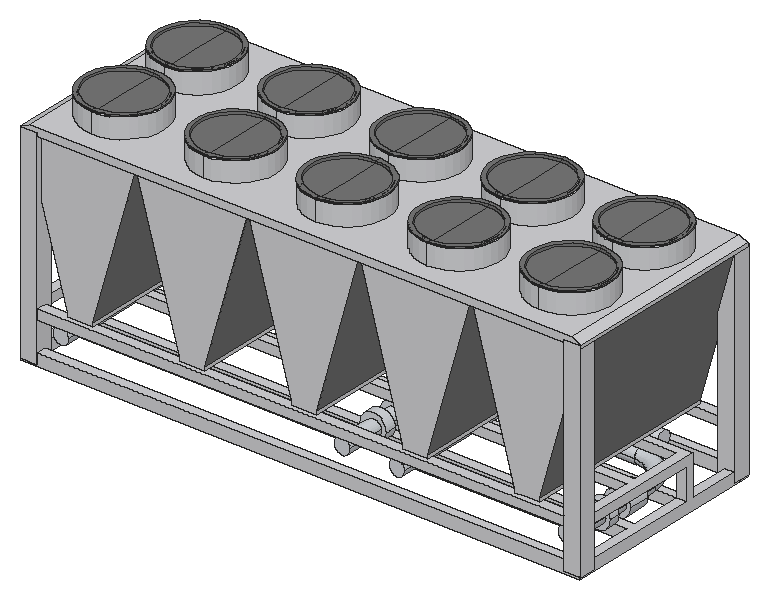
Revit family "Chiller-Air-Carrier-AquaForce_09FC-(500-800)", category Mechanical Equipment, Revit 2016
Family settings
  Part Type = Normal
  Round Connector Dimension = Use Diameter
  OmniClass Number = 23.75.10.24
  OmniClass Title = Cooling and Freeze Plant
  Work Plane-Based = Yes
  Always vertical = Yes
  Cut with Voids When Loaded = No
  Shared = No
  Room Calculation Point = No
Parameters (values of type "09FC-050")
  Width = 7' - 4 1/16"
  Wattage [instance] = 0 W
  Voltage [instance] = 208 V
  URL = "https://www.carrier.com/commercial/en/us/"
  Standards Conformance = "by Type"
  Sound dB Rating [instance] = "X dB"
  Show Clearance [instance] = no
  Refrigerant Used = "by Type"
  Refrigerant Charge Total [instance] = 0
  Product Page URL = ""
  Product Name = "09FC"
  Product Documentation Link = ""
  Power Factor [instance] = 1
  Piping Outlet Diameter = 6"
  Piping Inlet Diameter = 6"
  Phase [instance] = 3
  Screen Material [instance] = Carrier - Metal - Steel - Galvanized - Painted - Black Enamel Finish
  Operating Temperature Range = "-20 to 125 F"
  Number of Poles [instance] = 3
  Nominal Capacity = "by Type"
  Model = "09FC-050"
  Manufacturer = "Carrier"
  Locate Leaving Water Set 1 = 10' - 9 5/8"
  Locate Entering Water Set 2 = 6' - 10 5/8"
  Load Classification [instance] = HVAC
  Length = Frame Length + 0' 5 19/32"  # 20' - 0 27/32"
  Leaving Water CL Elevation [instance] = 0' - 10 1/32"  # constant formula
  Keynote = "23 64 26.13"
  Integrated Part Load Value = 0
  Include Listed Options [instance] = "by Type"
  Include Convenience Outlet [instance] = no
  Height = 8' - 2 15/16"
  Full Load Current [instance] = 0 A
  Frequency [instance] = 60 Hz
  Frame Material [instance] = Carrier - Metal - Steel - Galvanized - Painted - Gray Enamel Finish
  Frame Length = 19' - 7 1/4"
  Filter Description [instance] = "by Type"
  Evaporator Pressure Drop [instance] = 0.00 psi
  Evaporator Leaving Temperature [instance] = 0 °F
  Evaporator Entering Temperature [instance] = 0 °F
  Entering Water CL Elevation [instance] = 0' - 10 1/32"  # constant formula
  Electrical Disconnect [instance] = no
  Efficiency Ratings = "by Type"
  Description = "Supplemental Air Chiller"  # constant formula
  Default Elevation = 0' - 0"  # constant formula
  Dead Weight = 10251
  Condenser Set Count = 5
  Compressor Type = "by Type"
  Clearance_Top [instance] = "Do Not Restrict"  # constant formula
  Clearance_Right [instance] = 6' - 0"
  Clearance_Rear [instance] = 8' - 0"
  Clearance_Left [instance] = 6' - 0"
  Clearance_Front [instance] = 8' - 0"
  Clearance Requirements [instance] = "Consult Carrier for Clearance Requirements"  # constant formula
  Clearance Material [instance] = Object Clearance
  Assembly Code = "D3010600"
  Apparent Load [instance] = Voltage * Full Load Current  # 0 VA
  Additional Weight from Options [instance] = 0
  Actual Evaporator Flow [instance] = 0 GPM
Types (4): name | Model | Locate Leaving Water Set 1 | Locate Entering Water Set 2 | Length | Frame Length | Dead Weight | Condenser Set Count
  09FC-050 | "09FC-050" | 10' - 9 5/8" | 6' - 10 5/8" | 20' - 0 27/32" | 19' - 7 1/4" | 10251 | 5
  09FC-060 | "09FC-060" | 10' - 9 5/8" | 10' - 9 5/8" | 23' - 11 27/32" | 23' - 6 1/4" | 12126 | 6
  09FC-070 | "09FC-070" | 14' - 8 21/32" | 10' - 9 5/8" | 27' - 10 27/32" | 27' - 5 1/4" | 14041 | 7
  09FC-080 | "09FC-080" | 14' - 8 21/32" | 14' - 8 21/32" | 31' - 9 27/32" | 31' - 4 1/4" | 15915 | 8
Reference planes (in)
  plane 1 "Center (Front/Back)": y = 0
  plane 2: z = 0
  plane 3 "Center (Left/Right)": x = 0
  plane 4: x = -120.42187
  plane 5: x = 120.42188
  plane 6: y = 44.03125
  plane 7: y = -44.03125
  plane 8: z = 98.9375
  plane 9: x = -192.42187
  plane 10: x = 192.42188
  plane 11: y = 140.03125
  plane 12: y = -140.03125
  plane 13: z = 170.9375
  plane 14: z = 0
  plane 15: x = -114.82812
  plane 16: z = 89.8125
  plane 17: y = -43.96875
  plane 18: y = 43.96875
  plane 19: x = 114.42188
  plane 20: x = 114.42188
  plane 21: y = 0
  plane 22: y = 0
  plane 23: x = -91.1927
  plane 24: x = 96.5573
  plane 25: y = -37.04688
  plane 26: x = -114.57812
  plane 27: x = 120.17188
  plane 28: x = -103.23437
  plane 29: x = 14.79688
  plane 30: x = 37.79688
  plane 31: x = 108.82813
  plane 32: y = -28.67157
Forms (in)
  Extrusion 1, solid, material "Object Clearance" <- "Clearance Material", visible <- "Show Clearance"
    sketch origin (0, 0, 0) x (1, 0, 0) y (0, 1, 0)
      loop
        line (-192.42187, 140.03125) -> (-192.42187, -140.03125) -> (192.42188, -140.03125) -> (192.42188, 140.03125) -> (-192.42187, 140.03125)
    from 0 to 170.9375
  Extrusion 2, solid, material "Carrier - Metal - Steel - Galvanized - Painted - Gray Enamel Finish" <- "Frame Material"
    sketch origin (0, 0, 0) x (1, 0, 0) y (0, 1, 0)
      loop
        line (-114.82812, 44.03125) -> (-114.82812, 37.03125) -> (-107.82812, 37.03125) -> (-107.82812, 44.03125) -> (-114.82812, 44.03125)
      loop
        line (113.42188, 44.03125) -> (113.42188, 37.03125) -> (120.42188, 37.03125) -> (120.42188, 44.03125) -> (113.42188, 44.03125)
      loop
        line (-114.82812, -44.03125) -> (-107.82812, -44.03125) -> (-107.82812, -37.03125) -> (-114.82812, -37.03125) -> (-114.82812, -44.03125)
      loop
        line (113.42188, -44.03125) -> (120.42188, -44.03125) -> (120.42188, -37.03125) -> (113.42188, -37.03125) -> (113.42188, -44.03125)
    from 0.79427 to 87.82986
  Extrusion 3, solid, material "Carrier - Metal - Steel - Galvanized - Painted - Gray Enamel Finish" <- "Frame Material"
    sketch origin (0, 0, 0) x (1, 0, 0) y (0, 0, 1)
      loop
        line (-114.82812, 86.75428) -> (120.42188, 86.75428) -> (120.42188, 88.00428) -> (116.54414, 89.8125) -> (-110.95039, 89.8125) -> (-114.82812, 88.00428) -> (-114.82812, 86.75428)
    from -43.96875 to 43.96875
  Extrusion 4, solid, material "Carrier - Metal - Steel - Galvanized - Painted - Gray Enamel Finish" <- "Frame Material"
    sketch origin (0, -43.96875, 91.46381) x (0, 0, 1) y (1, 0, 0)
      loop
        line (-91.46381, -114.57812) -> (-86.21381, -114.57812) -> (-86.21381, 120.17188) -> (-91.46381, 120.17188) -> (-91.46381, -114.57812)
      loop
        line (-69.75133, -113.82812) -> (-69.75133, 119.42188) -> (-73.75133, 119.42188) -> (-73.75133, -113.82812) -> (-69.75133, -113.82812)
    from 0 to 4
  Extrusion 5, solid, material "Carrier - Metal - Steel - Galvanized - Painted - Gray Enamel Finish" <- "Frame Material"
    sketch origin (0, 43.96875, 91.46381) x (0, 0, 1) y (1, 0, 0)
      loop
        line (-91.46381, -114.57812) -> (-86.21381, -114.57812) -> (-86.21381, 120.23438) -> (-91.46381, 120.23438) -> (-91.46381, -114.57812)
      loop
        line (-69.75133, -114.57812) -> (-69.75133, 119.42188) -> (-73.75133, 119.42188) -> (-73.75133, -114.57812) -> (-69.75133, -114.57812)
    from 0 to -4
  Extrusion 6, solid, material "Carrier - Metal - Steel - Galvanized - Painted - Gray Enamel Finish" <- "Frame Material"
    sketch origin (-114.82812, 47.56915, 72) x (0, 1, 0) y (0, 0, 1)
      loop
        line (-87.5379, -67.25) -> (-87.5379, -72) -> (-7.6004, -72) -> (-7.6004, -67.25) -> (-87.5379, -67.25)
    from 0.25 to 4.25
  Extrusion 7, solid, material "Carrier - Metal - Steel - Galvanized - Painted - Gray Enamel Finish" <- "Frame Material"
    sketch origin (120.42188, 47.56915, 72) x (0, 1, 0) y (0, 0, 1)
      loop
        line (-87.5379, -67.25) -> (-87.5379, -72) -> (-7.6004, -72) -> (-7.6004, -67.25) -> (-87.5379, -67.25)
    from -0.25 to -4.25
  Extrusion 8, solid, material "Carrier - Metal - Steel - Galvanized - Painted - Gray Enamel Finish" <- "Frame Material"
    sketch origin (120.42188, 47.56915, 72) x (0, 1, 0) y (0, 0, 1)
      loop
        line (-87.5379, -50.28753) -> (-87.5379, -54.28753) -> (-35.5379, -54.28753) -> (-35.5379, -67.25) -> (-32.5379, -67.25) -> (-32.5379, -50.28753) -> (-87.5379, -50.28753)
    from -0.25 to -4.25
  Extrusion 9, solid, material "Carrier - Metal - Steel - Galvanized - Painted - Gray Enamel Finish" <- "Frame Material"
    sketch origin (-114.82812, 47.56915, 72) x (0, 1, 0) y (0, 0, 1)
      loop
        line (-87.5379, -50.28753) -> (-87.5379, -54.28753) -> (-35.5379, -54.28753) -> (-35.5379, -67.25) -> (-32.5379, -67.25) -> (-32.5379, -50.28753) -> (-87.5379, -50.28753)
    from 4.1875 to 0.1875
  Sweep 10, solid
    path origin (0, 0, 0) x (1, 0, 0) y (0, 1, 0)
      loop
        line (-103.23438, -37.04688) -> (-103.23438, 16.46875)
        arc (-103.23438, 16.46875) -> (-98.54808, 27.78246) -> (-87.23438, 32.46875) r 16
        line (-87.23438, 32.46875) -> (0.21875, 32.46875)
    profile origin (-103.23438, -10.28906, 0) x (-1, 0, 0) y (0, 0, 1)
      loop
        circle (0, 10.03125) r 3.25
  Sweep 11, solid
    path origin (0, 0, 0) x (1, 0, 0) y (0, 1, 0)
      loop
        line (108.82813, -37.04688) -> (108.82813, 5.45312)
        arc (108.82813, 5.45312) -> (104.72762, 15.35262) -> (94.82813, 19.45312) r 14
        line (94.82813, 19.45312) -> (53.24673, 19.45312)
    profile origin (108.82813, -15.79688, 0) x (-1, 0, 0) y (0, 0, 1)
      loop
        circle (0, 10.03125) r 3.25
  Extrusion 12, solid
    sketch origin (0, 0, 0) x (1, 0, 0) y (0, 0, 1)
      loop
        circle (108.82813, 10.03125) r 5.5
    from 1.25746 to 9.89749
  Extrusion 13, solid
    sketch origin (0, 0, 0) x (1, 0, 0) y (0, 0, 1)
      loop
        circle (108.82813, 10.03125) r 5.5
    from 16.4842 to 20.73072
  Extrusion 14, solid, material "Carrier - Metal - Steel - Galvanized - Painted - Gray Enamel Finish" <- "Frame Material"
    sketch origin (0, 0, 0) x (0, 1, 0) y (0, 0, 1)
      loop
        line (12.03125, 17.71247) -> (15.03125, 17.71247) -> (15.03125, 21.71247) -> (12.03125, 21.71247) -> (12.03125, 17.71247)
      loop
        line (-14.54996, 17.71247) -> (-10.42493, 17.71247) -> (-10.42493, 21.71247) -> (-14.54996, 21.71247) -> (-14.54996, 17.71247)
      loop
        line (-14.54996, 4.75) -> (-14.54996, 0) -> (-10.42493, 0) -> (-10.42493, 4.75) -> (-14.54996, 4.75)
      loop
        line (12.03125, 4.75) -> (12.03125, 0) -> (15.03125, 0) -> (15.03125, 4.75) -> (12.03125, 4.75)
    from -114.57812 to 120.17188
  Extrusion 15, solid
    sketch origin (-114.82812, 47.56915, 72) x (0, 1, 0) y (0, 0, 1)
      loop
        line (-66.11788, -33.93777) -> (-66.11788, -50.26069) -> (-28.91016, -50.26069) -> (-28.91016, -33.93777) -> (-66.11788, -33.93777)
    from -1.0049 to 7
  Extrusion 16, solid
    sketch origin (-114.82812, 47.56915, 72) x (0, 1, 0) y (0, 0, 1)
      loop
        line (-29.01261, -33.93777) -> (-46.86635, -33.93777) -> (-46.86635, -50.11773) -> (-29.01261, -50.11773) -> (-29.01261, -33.93777)
      loop
        line (-65.62569, -33.93777) -> (-65.62569, -50.11773) -> (-47.77195, -50.11773) -> (-47.77195, -33.93777) -> (-65.62569, -33.93777)
    from -1.84877 to -1.0049
  Extrusion 17, solid
    sketch origin (-114.82812, 47.56915, 72) x (0, 1, 0) y (0, 0, 1)
      loop
        line (-57.70435, -39.8958) -> (-61.20435, -39.8958) -> (-61.20435, -43.3958) -> (-57.70435, -43.3958) -> (-57.70435, -39.8958)
    from -2.90259 to -1.84877
  Extrusion 18, solid
    sketch origin (-114.82812, 47.56915, 72) x (0, 1, 0) y (0, 0, 1)
      loop
        circle (-59.42604, -41.68436) r 1.5
    from -3.95869 to -2.90259
  Extrusion 19, solid
    sketch origin (-114.82812, 47.56915, 72) x (0, 1, 0) y (0, 0, 1)
      loop
        line (-58.45, -41.02996) -> (-62.8232, -41.02996) -> (-62.8232, -42.38236) -> (-58.45, -42.38236)
        arc (-58.45, -42.38236) -> (-58.22162, -41.70616) -> (-58.45, -41.02996) r 1.11524
    from -5.59375 to -3.95869
  Sweep 20, solid
    path origin (120.65625, 0, 0) x (1, 0, 0) y (0, 1, 0)
      loop
        line (-82.85938, -37.04687) -> (-82.85938, 16.46875)
        arc (-82.85938, 16.46875) -> (-78.17308, 27.78246) -> (-66.85938, 32.46875) r 16
        line (-66.85938, 32.46875) -> (-26.57812, 32.46875)
    profile origin (37.79688, -10.28906, 0) x (-1, 0, 0) y (0, 0, 1)
      loop
        circle (0, 10.03125) r 3.25
  Sweep 21, solid
    path origin (-120.82812, 0, 0) x (1, 0, 0) y (0, 1, 0)
      loop
        line (135.625, -37.04688) -> (135.625, 5.45312)
        arc (135.625, 5.45312) -> (131.52449, 15.35262) -> (121.625, 19.45312) r 14
        line (121.625, 19.45312) -> (32.82813, 19.45312)
    profile origin (14.79687, -15.79687, 0) x (-1, 0, 0) y (0, 0, 1)
      loop
        circle (0, 10.03125) r 3.25
  Extrusion 22, solid
    sketch origin (-120.68757, 0, 0) x (1, 0, 0) y (0, 0, 1)
      loop
        circle (135.48445, 10.03125) r 5.5
    from 1.25746 to 9.89749
  Extrusion 23, solid
    sketch origin (-120.68757, 0, 0) x (1, 0, 0) y (0, 0, 1)
      loop
        circle (135.48445, 10.03125) r 5.5
    from 16.4842 to 20.73072
  Revolve 24, solid
    sketch origin (-126.18668, -28.67157, 108) x (-1, 0, 0) y (0, 0, 1)
      loop
        line (-140.98356, -94.96875) -> (-140.98356, -97.96875) -> (-22.95231, -97.96875) -> (-22.95231, -94.96875) -> (-140.98356, -94.96875)
      loop
        line (-235.01481, -94.96875) -> (-235.01481, -97.96875) -> (-163.98356, -97.96875) -> (-163.98356, -94.96875) -> (-235.01481, -94.96875)
      axis (-22.95231, -97.96875) -> (-235.01481, -97.96875)
    angle from 0 to 360
  Extrusion 25, solid
    sketch origin (0, 0, 0) x (1, 0, 0) y (0, 1, 0)
      loop
        circle (-113.08303, -15.54873) r 0.4375
      loop
        circle (-113.08303, -13.04873) r 0.4375
      loop
        circle (-113.08303, 15.77127) r 0.4375
    from 21.73931 to 27.59961
Cuts and joins
  joined: Extrusion 2, Extrusion 4, Extrusion 5, Extrusion 6, Extrusion 7, Extrusion 8, Extrusion 14
Lines and regions (in)
  symbolic lines, style "MechanicalEquipmentHiddenLines", visible <- "Show Clearance"
    curve 1: line (-192.42187, 140.03125, 0) -> (192.42188, 140.03125, 0)
    curve 2: line (192.42188, 140.03125, 0) -> (192.42188, -140.03125, 0)
    curve 3: line (192.42188, -140.03125, 0) -> (-192.42187, -140.03125, 0)
    curve 4: line (-192.42187, -140.03125, 0) -> (-192.42187, 140.03125, 0)
Dimensions and locks (in)
  equal spacing: plane 4, plane 3 "Center (Left/Right)", plane 5
  "Length": plane 4 to plane 5
  equal spacing: plane 7, plane 1 "Center (Front/Back)", plane 6
  "Width": plane 7 to plane 6
  "Height": plane 8 to plane 14
  "Clearance_Rear": plane 6 to plane 11
  "Clearance_Front": plane 12 to plane 7
  "Clearance_Right": plane 5 to plane 10
  "Clearance_Left": plane 9 to plane 4
  plane 13 to plane 8 = 6' - 0"
  plane 14 to level = 0' - 0"
  "Frame Length": plane 15 to plane 5
  locked: plane 8 to plane 16 at 9.125
  locked: plane 7 to Extrusion 2 sketch curve at 7  (x2)
  locked: plane 15 to Extrusion 2 sketch curve at 7  (x2)
  locked: Extrusion 2 sketch curve to plane 5 at 7  (x2)
  locked: Extrusion 2 sketch curve to plane 6 at 7  (x2)
  Extrusion 3 sketch curve to plane 15 to Extrusion 3 sketch curve = 0' - 3.87774" locked, 0' - 0" locked
  plane 5 to Extrusion 3 sketch curve to Extrusion 3 sketch curve = 0' - 0" locked, 0' - 3.87774" locked
  locked: plane 7 to plane 17 at 0.0625
  locked: plane 18 to plane 6 at 0.0625
  locked: plane 5 to Extrusion 4 sketch curve at 0.25
  locked: plane 5 to Extrusion 4 sketch curve at 1
  locked: Extrusion 4 sketch curve to plane 15 at 0.25
  locked: Extrusion 4 sketch curve to plane 15 at 1
  locked: plane 7 to Extrusion 6 sketch curve at 4.0625
  locked: Extrusion 6 sketch curve to plane 6 at 4.0625
  locked: plane 6 to Extrusion 7 sketch curve at 4.0625
  locked: Extrusion 7 sketch curve to plane 7 at 4.0625
  plane 19 to plane 5 = 0' - 6"
  plane 20 to plane 5 = 0' - 6"
  plane 1 "Center (Front/Back)" to plane 21 = 0' - 0"
  plane 1 "Center (Front/Back)" to plane 22 = 0' - 0"
  locked: plane 5 to plane 24 at 23.86458
  plane 23 to plane 15 = 1' - 11.63542"
  locked: plane 5 to Extrusion 5 sketch curve at 1
  locked: plane 5 to Extrusion 5 sketch curve at 0.1875
  locked: plane 7 to plane 25 at 6.98438
  plane 18 to Sweep 10 sketch curve to Sweep 10 sketch curve = 0' - 11 1/2" locked, 1' - 4" locked
  Sweep 11 sketch curve to Sweep 11 sketch curve to plane 6 = 1' - 2" locked, 2' - 0 37/64" locked
  locked: Extrusion 12 sketch curve to level at 10.03125
  locked: Extrusion 13 sketch curve to level at 10.03125
  equal spacing: group 1, group 3, group 4, group 5, group 2  (x3)
  locked: plane 5 to plane 27 at 0.25
  locked: plane 15 to plane 26 at 0.25
  locked: plane 5 to plane 31 at 11.59375
  locked: plane 28 to plane 15 at 11.59375
  "Locate Leaving Water Set 1": plane 29 to plane 15
  "Locate Entering Water Set 2": plane 5 to plane 30
  locked: Sweep 10 sketch curve to plane 29 at 14.57813
  locked: profile plane to Sweep 10 sketch curve
  locked: Sweep 10 sketch curve to level at 10.03125
  locked: Sweep 20 sketch curve to Sweep 20 sketch curve at 16
  locked: profile plane to Sweep 20 sketch curve
  locked: plane 18 to Sweep 20 sketch curve at 11.5
  locked: Sweep 20 sketch curve to plane 31 at 14.75
  locked: Sweep 21 sketch curve to Sweep 21 sketch curve at 14
  locked: plane 18 to Sweep 21 sketch curve at 24.51562
  locked: plane 28 to Sweep 21 sketch curve at 15.23438
  Sweep 21 sketch curve to level = 0' - 10 1/32"
  locked: Sweep 20 sketch curve to level at 10.03125
  locked: Sweep 11 sketch curve to level at 10.03125
  locked: plane 31 to Sweep 11 sketch curve at 0
  locked: plane 30 to Sweep 11 sketch curve at 15.44985
  locked: Sweep 21 sketch curve to plane 29 at 0
  locked: Extrusion 23 sketch curve to level at 10.03125
  locked: plane 29 to Extrusion 23 sketch curve at 0
  locked: Extrusion 22 sketch curve to level at 10.03125
  locked: plane 29 to Extrusion 22 sketch curve at 0
  locked: plane 31 to Extrusion 13 sketch curve at 0
  locked: plane 31 to Extrusion 12 sketch curve at 0
  locked: plane 32 to plane 25 at 8.37531
  Extrusion 15 sketch curve to plane 1 "Center (Front/Back)" to Extrusion 15 sketch curve = 1' - 6.54873" locked, 1' - 6.65899" locked
  Extrusion 16 sketch curve to Extrusion 16 sketch curve to plane 1 "Center (Front/Back)" to Extrusion 16 sketch curve to Extrusion 16 sketch curve = 1' - 5.85375" locked, 0' - 0.2028" locked, 0' - 0.7028" locked, 1' - 5.85375" locked
  aligned and locked: level to plane 2
  aligned and locked: Extrusion 1 sketch curve to plane 11
  aligned and locked: Extrusion 1 sketch curve to plane 9
  aligned and locked: Extrusion 1 sketch curve to plane 12
  aligned and locked: Extrusion 1 sketch curve to plane 10
  aligned and locked: Extrusion 1 to plane 13
  aligned and locked: plane 15 to Extrusion 2 sketch curve
  aligned and locked: Extrusion 2 sketch curve to plane 6
  aligned and locked: Extrusion 2 sketch curve to plane 7
  aligned and locked: Extrusion 2 sketch curve to plane 15
  aligned and locked: plane 5 to Extrusion 2 sketch curve
  aligned and locked: plane 7 to Extrusion 2 sketch curve
  aligned and locked: Extrusion 2 sketch curve to plane 5
  aligned and locked: plane 6 to Extrusion 2 sketch curve
  aligned and locked: Extrusion 3 to plane 17
  aligned and locked: plane 18 to Extrusion 3
  aligned and locked: curve 2 to plane 10
  aligned and locked: curve 1 to plane 11
  aligned and locked: curve 4 to plane 9
  aligned and locked: curve 3 to plane 12
  aligned and locked: Sweep 11 sketch curve to plane 25
  aligned and locked: nested 1 to plane 23
  aligned and locked: nested 2 to plane 24
  aligned and locked: Extrusion 14 to plane 27
  aligned and locked: plane 26 to Extrusion 14
  aligned and locked: plane 26 to Extrusion 5  (x2)
  aligned and locked: plane 28 to Sweep 10 sketch curve
  aligned and locked: plane 30 to Sweep 20 sketch curve
  aligned and locked: plane 29 to Sweep 21 sketch curve
  aligned and locked: plane 31 to Sweep 11 sketch curve
  aligned and locked: plane 25 to Sweep 10 sketch curve
  aligned and locked: plane 25 to Sweep 21 sketch curve
  aligned and locked: plane 25 to Sweep 20 sketch curve
  aligned and locked: Revolve 24 sketch curve to plane 30
  aligned and locked: plane 31 to Revolve 24 sketch curve
  aligned and locked: plane 29 to Revolve 24 sketch curve
  aligned and locked: Revolve 24 sketch curve to plane 28
Automatic sketch dimensions
  Extrusion 3 sketch curve to plane 16 = 0' - 0"
  plane 16 to Extrusion 3 sketch curve = 0' - 1.80822"  (x2)
  Extrusion 3 sketch curve to Extrusion 3 sketch curve = 0' - 1 1/4"
  Extrusion 4 sketch curve to level = 0' - 0"
  Extrusion 4 sketch curve to Extrusion 4 sketch curve = 0' - 5 1/4"
  Extrusion 4 sketch curve to Extrusion 4 sketch curve = 1' - 0.46247"
  Extrusion 4 sketch curve to Extrusion 4 sketch curve = 0' - 4"
  Extrusion 5 sketch curve to level = 0' - 0"
  Extrusion 5 sketch curve to plane 26 = 0' - 0"  (x2)
  level to Extrusion 5 sketch curve = 0' - 5 1/4"
  Extrusion 5 sketch curve to Extrusion 5 sketch curve = 1' - 0.46247"
  Extrusion 5 sketch curve to Extrusion 5 sketch curve = 0' - 4"
  Extrusion 6 sketch curve to level = 0' - 0"
  level to Extrusion 6 sketch curve = 0' - 4 3/4"
  Extrusion 7 sketch curve to level = 0' - 0"
  level to Extrusion 7 sketch curve = 0' - 4 3/4"
  plane 17 to Extrusion 8 sketch curve = 0' - 4"
  level to Extrusion 8 sketch curve = 0' - 4 3/4"
  Extrusion 8 sketch curve to plane 1 "Center (Front/Back)" = 1' - 0 1/32"
  Extrusion 8 sketch curve to Extrusion 8 sketch curve = 0' - 3"
  Extrusion 8 sketch curve to Extrusion 8 sketch curve = 1' - 0.96247"
  Extrusion 8 sketch curve to Extrusion 8 sketch curve = 0' - 4"
  plane 17 to Extrusion 9 sketch curve = 0' - 4"
  level to Extrusion 9 sketch curve = 0' - 4 3/4"
  Extrusion 9 sketch curve to plane 1 "Center (Front/Back)" = 1' - 0 1/32"
  Extrusion 9 sketch curve to Extrusion 9 sketch curve = 0' - 3"
  Extrusion 9 sketch curve to Extrusion 9 sketch curve = 1' - 0.96247"
  Extrusion 9 sketch curve to Extrusion 9 sketch curve = 0' - 4"
  Extrusion 14 sketch curve to level = 0' - 0"  (x2)
  level to Extrusion 14 sketch curve = 0' - 4 3/4"
  plane 1 "Center (Front/Back)" to Extrusion 14 sketch curve = 1' - 2.54996"
  Extrusion 14 sketch curve to Extrusion 14 sketch curve = 0' - 0"
  Extrusion 14 sketch curve to Extrusion 14 sketch curve = 0' - 4.12503"  (x2)
  Extrusion 14 sketch curve to plane 1 "Center (Front/Back)" = 1' - 0 1/32"  (x2)
  Extrusion 14 sketch curve to Extrusion 14 sketch curve = 0' - 3"  (x2)
  Extrusion 14 sketch curve to Extrusion 14 sketch curve = 0' - 4 3/4"
  Extrusion 14 sketch curve to Extrusion 14 sketch curve = 1' - 0.96247"  (x2)
  Extrusion 14 sketch curve to Extrusion 14 sketch curve = 0' - 4"  (x2)
  level to Extrusion 15 sketch curve = 1' - 9.73931"
  Extrusion 15 sketch curve to Extrusion 15 sketch curve = 1' - 4.32291"
  level to Extrusion 16 sketch curve = 1' - 9.88227"
  Extrusion 16 sketch curve to Extrusion 16 sketch curve = 0' - 0"
  Extrusion 16 sketch curve to Extrusion 16 sketch curve = 1' - 4.17996"  (x2)
  plane 1 "Center (Front/Back)" to Extrusion 17 sketch curve = 1' - 1.6352"
  Extrusion 17 sketch curve to Extrusion 17 sketch curve = 0' - 3 1/2"  (x2)
  level to Extrusion 17 sketch curve = 2' - 4.6042"
  plane 1 "Center (Front/Back)" to Extrusion 18 sketch curve = 0' - 11.85689"
  level to Extrusion 18 sketch curve = 2' - 6.31564"
  plane 1 "Center (Front/Back)" to Extrusion 19 sketch curve = 1' - 3.25405"
  Extrusion 19 sketch curve to Extrusion 19 sketch curve = 0' - 3.48634"
  Extrusion 19 sketch curve to Extrusion 19 sketch curve = 0' - 0.88686"  (x2)
  level to Extrusion 19 sketch curve = 2' - 5.61764"
  Extrusion 19 sketch curve to Extrusion 19 sketch curve = 0' - 0.6762"
  level to Revolve 24 sketch curve = 0' - 10 1/32"  (x3)
  Revolve 24 sketch curve to Revolve 24 sketch curve = 0' - 3"  (x2)
  plane 30 to Revolve 24 sketch curve = 1' - 9 19/32"
  plane 28 to Revolve 24 sketch curve = 0' - 3 1/4"
  Extrusion 25 sketch curve to plane 26 = 0' - 1.4951"  (x3)
  Extrusion 25 sketch curve to plane 1 "Center (Front/Back)" = 1' - 3.77127"
  plane 1 "Center (Front/Back)" to Extrusion 25 sketch curve = 1' - 1.04873"
  Extrusion 25 sketch curve to Extrusion 25 sketch curve = 0' - 2 1/2"
  radius of Sweep 10 sketch curve = 0' - 3 1/4"
  radius of Sweep 11 sketch curve = 0' - 3 1/4"
  radius of Extrusion 12 sketch curve = 0' - 5 1/2"
  radius of Extrusion 13 sketch curve = 0' - 5 1/2"
  radius of Extrusion 18 sketch curve = 0' - 1 1/2"
  radius of Sweep 20 sketch curve = 0' - 3 1/4"
  radius of Sweep 21 sketch curve = 0' - 3 1/4"
  radius of Extrusion 22 sketch curve = 0' - 5 1/2"
  radius of Extrusion 23 sketch curve = 0' - 5 1/2"
  radius of Extrusion 25 sketch curve = 0' - 0 7/16"  (x3)
Nested families (in)
  nested 1: "FanCasing" at (-91.1927, 0, 89.82373), Frame Material <- "Frame Material", Other Material <- "Screen Material", type "FanCasing"
    with Standard Fan no, Other Material Carrier - Metal - Steel - Galvanized - Painted - Black Enamel Finish, Low Sound yes, Frame Material Carrier - Metal - Steel - Galvanized - Painted - Gray Enamel Finish
  nested 2: "FanCasing" at (96.5573, 0, 89.82373), Frame Material <- "Frame Material", Other Material <- "Screen Material", type "FanCasing"
    with Standard Fan no, Other Material Carrier - Metal - Steel - Galvanized - Painted - Black Enamel Finish, Low Sound yes, Frame Material Carrier - Metal - Steel - Galvanized - Painted - Gray Enamel Finish
  nested 3: "FanCasing" at (-44.2552, 0, 89.82373), Frame Material <- "Frame Material", Other Material <- "Screen Material", type "FanCasing"
    with Standard Fan no, Other Material Carrier - Metal - Steel - Galvanized - Painted - Black Enamel Finish, Low Sound yes, Frame Material Carrier - Metal - Steel - Galvanized - Painted - Gray Enamel Finish
  nested 4: "FanCasing" at (2.6823, 0, 89.82373), Frame Material <- "Frame Material", Other Material <- "Screen Material", type "FanCasing"
    with Standard Fan no, Other Material Carrier - Metal - Steel - Galvanized - Painted - Black Enamel Finish, Low Sound yes, Frame Material Carrier - Metal - Steel - Galvanized - Painted - Gray Enamel Finish
  nested 5: "FanCasing" at (49.6198, 0, 89.82373), Frame Material <- "Frame Material", Other Material <- "Screen Material", type "FanCasing"
    with Standard Fan no, Other Material Carrier - Metal - Steel - Galvanized - Painted - Black Enamel Finish, Low Sound yes, Frame Material Carrier - Metal - Steel - Galvanized - Painted - Gray Enamel Finish
Connectors (in)
  electrical at (-111.83058, 0.05513, 38.06223)
    settings: on Extrusion 15, index 3, voltage 0 V, apparent load 0 VA, apparent load phase1 0 VA, apparent load phase2 0 VA, apparent load phase3 0 VA, power factor 1, load classification "Other", number of poles 1, system type 13, power factor state 1, is connector primary yes, connector utility no, sub classification motor no, connector description "Controls"
  electrical at (-107.82812, 0.05513, 29.90077), driven by "Number of Poles", driven by "Load Classification", driven by "Voltage", driven by "Apparent Load", driven by "Power Factor"
    settings: on Extrusion 15, index 4, voltage 208 V, apparent load 0 VA, apparent load phase1 0 VA, apparent load phase2 0 VA, apparent load phase3 0 VA, power factor 1, load classification "HVAC", number of poles 3, system type 30, power factor state 1, is connector primary no, connector utility no, sub classification motor no, connector description "Main Power"
  piping at (-103.23438, -37.04688, 10.03125), diameter 6, driven by "Actual Evaporator Flow", driven by "Piping Inlet Diameter"
    settings: on Sweep 10, index 5, connector inside diameter 24", connector length 0' - 0", flow factor 0, pipe flow 0 GPM, pressure drop 0.00 psi, fitting loss kfactor 0, connector angle 0.00°, fixture units 0, engagement length 0' - 0", angle of deflection 0.00°, flow configuration 0, flow direction 1, fitting loss method 4, system type 8, joint type 0, gender type 0, connector reference index -1, connector utility 0, adjustable connector no, is connector primary yes, connector description "Entering Water Set 1"
  piping at (37.79688, -37.04688, 10.03125), diameter 6, driven by "Actual Evaporator Flow", driven by "Piping Inlet Diameter"
    settings: on Sweep 20, index 6, connector inside diameter 24", connector length 0' - 0", flow factor 0, pipe flow 0 GPM, pressure drop 0.00 psi, fitting loss kfactor 0, connector angle 0.00°, fixture units 0, engagement length 0' - 0", angle of deflection 0.00°, flow configuration 0, flow direction 1, fitting loss method 4, system type 8, joint type 0, gender type 0, connector reference index -1, connector utility 0, adjustable connector no, is connector primary no, connector description "Entering Water Set 2"
  piping at (14.79687, -37.04688, 10.03125), diameter 6, driven by "Actual Evaporator Flow", driven by "Evaporator Pressure Drop", driven by "Piping Outlet Diameter"
    settings: on Sweep 21, index 7, connector inside diameter 24", connector length 0' - 0", flow factor 0, pipe flow 0 GPM, pressure drop 0.00 psi, fitting loss kfactor 0, connector angle 0.00°, fixture units 0, engagement length 0' - 0", angle of deflection 0.00°, flow configuration 0, flow direction 2, fitting loss method 4, system type 7, joint type 0, gender type 0, connector reference index -1, connector utility 0, adjustable connector no, is connector primary no, connector description "Leaving Water Set 1"
  piping at (108.82813, -37.04688, 10.03125), diameter 6, driven by "Actual Evaporator Flow", driven by "Evaporator Pressure Drop", driven by "Piping Outlet Diameter"
    settings: on Sweep 11, index 8, connector inside diameter 24", connector length 0' - 0", flow factor 0, pipe flow 0 GPM, pressure drop 0.00 psi, fitting loss kfactor 0, connector angle 0.00°, fixture units 0, engagement length 0' - 0", angle of deflection 0.00°, flow configuration 0, flow direction 2, fitting loss method 4, system type 7, joint type 0, gender type 0, connector reference index -1, connector utility 0, adjustable connector no, is connector primary no, connector description "Leaving Water Set 2"
  cabletrayconduit at (-113.08303, -15.54873, 21.73931), diameter 0.875
    settings: on Extrusion 25, index 9, connector width 1' - 0", connector height 1' - 0", connector angle 0.00°, system type 32, placement type 0, profile type 0, connector reference index -1, is primary connector yes, connector utility param no, connector description "Field Power Knockout"
  cabletrayconduit at (-113.08303, -13.04873, 21.73931), diameter 0.875
    settings: on Extrusion 25, index 10, connector width 1' - 0", connector height 1' - 0", connector angle 0.00°, system type 32, placement type 0, profile type 0, connector reference index -1, is primary connector no, connector utility param no, connector description "Field Power Knockout"
  cabletrayconduit at (-113.08303, 15.77127, 21.73931), diameter 0.875
    settings: on Extrusion 25, index 11, connector width 1' - 0", connector height 1' - 0", connector angle 0.00°, system type 32, placement type 0, profile type 0, connector reference index -1, is primary connector no, connector utility param no, connector description "Field Control Knockout"
Definition of nested family "FanCasing"
  Parameters (values of type "FanCasing")
    Standard Fan [instance] = not(Low Sound)  # no
    Other Material [instance] = none
    Low Sound [instance] = yes
    Frame Material [instance] = none
  Reference planes (in)
    plane 1 "Center (Front/Back)": y = 0
    plane 2: z = 0
    plane 3 "Center (Left/Right)": x = 0
    plane 4: y = 39.41438
    plane 5: y = -39.41438
  Forms (in)
    Revolve 1, solid, material <- "Frame Material", visible <- "Low Sound", detail levels medium+fine
      sketch origin (0, -39.38492, -70.25) x (0, 1, 0) y (0, 0, 1)
        loop
          line (3.38492, 70.25) -> (20.13492, 70.25) -> (20.13492, 78.32907) -> (5.04987, 78.32907) -> (5.04987, 79.32907) -> (3.29987, 79.32907) -> (3.29987, 79.07907) -> (4.54987, 79.07907) -> (4.54987, 78.57907) -> (3.38492, 78.57907) -> (3.38492, 70.25)
        axis (20.13492, 70.25) -> (20.13492, 79.32907)
      angle from 0 to 360
    Revolve 2, solid, material <- "Frame Material", visible <- "Low Sound", detail levels medium+fine
      sketch origin (0, 39.38492, -70.25) x (0, -1, 0) y (0, 0, -1)
        loop
          line (3.38492, -70.25) -> (3.38492, -78.57907) -> (4.54987, -78.57907) -> (4.54987, -79.07907) -> (3.29987, -79.07907) -> (3.29987, -79.32907) -> (5.04987, -79.32907) -> (5.04987, -78.32907) -> (20.13492, -78.32907) -> (20.13492, -70.25) -> (3.38492, -70.25)
        axis (20.13492, -70.25) -> (20.13492, -79.32907)
      angle from 0 to 360
    Extrusion 3, solid, material <- "Frame Material"
      sketch origin (0, 0, 0) x (1, 0, 0) y (0, 0, 1)
        loop
          line (23.16958, -3.05822) -> (-23.16958, -3.05822) -> (-5.26925, -66.58442) -> (-5.26925, -68.08442) -> (0, -68.08442) -> (5.26925, -68.08442) -> (5.26925, -66.58442) -> (23.16958, -3.05822)
      from -42.03125 to 42.03125
    Extrusion 4, solid, material <- "Frame Material", detail levels coarse
      sketch origin (0, 0, 0) x (1, 0, 0) y (0, 1, 0)
        loop
          circle (0, 19.5) r 16.74813
        loop
          circle (0, -19.5) r 16.74813
      from 0 to 9.07907
  Lines and regions (in)
    symbolic lines
      curve 1: line (11.55062, 7.94938, 0) -> (-11.55062, 31.05062, 0)
      curve 2: line (-11.55062, 7.94938, 0) -> (11.55062, 31.05062, 0)
      curve 3: line (11.55062, -7.94938, 0) -> (-11.55062, -31.05062, 0)
      curve 4: line (-11.55062, -7.94938, 0) -> (11.55062, -31.05062, 0)
    symbolic lines, detail levels coarse
      curve 5: circle (0, 19.5, 0) r 16.74813 normal (0, 0, 1)
      curve 6: circle (0, -19.5, 0) r 16.83319 normal (0, 0, 1)
  Dimensions and locks (in)
    aligned and locked: plane 2 to level
